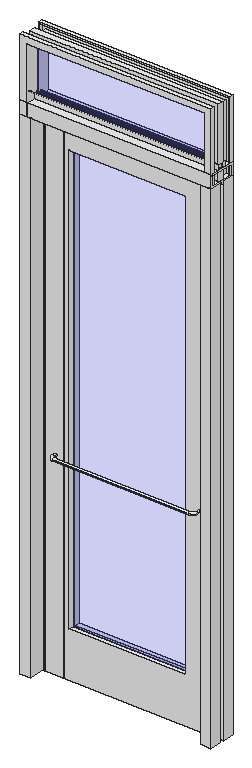
Revit family "kawneer-350_tuffline-sgl_tran-fr_20599", category Doors, host Wall, Revit 2015
Parameters
  Water - Static (ASTM E 331) = "product not tested"
  URL = "http://www.kawneer.com/kawneer/north_america/en/product.asp?prod_id=1818"
  Type of Glazing = "monolithic, insulating"
  Type Comments = "Medium Stile Heavy Duty Swing Door"
  Thermal Transmittance = "n/a"
  Sub Category3 = ""
  Sub Category2 = ""
  Sub Category1 = ""
  Sightline = 0"
  Short Description = "Medium Stile Heavy Duty Swing Door"
  Product data url = "https://bimobject.com/kawneerna/product/20595"
  Performance standards = ""
  Panel Inserts Material = Glass
  Overall U-Factor = "product not tested"
  Model = "350 Tuffline® Entrance"
  Manufacturer Part Number = "350 Tuffline® Entrance"
  Manufacturer = "Kawneer"
  Keywords = "Entrance, Door, Swing Door, Heavy Wall, Heavy Duty"
  Hurricane Resistant Tested [instance] = "product not tested"
  Hinging Types = "Offset Pivot, Butt Hinge, Continuous Gear Hinge"
  Height = Door Panel Height + 12"  # 96"
  Wall Closure = By host
  Width = 32"
  Glazing Thickness = 0"
  Glass U-Factor = "product not tested"
  Glass Installtion = "outside, inside"
  Glass Capture = "Captured"
  Function (Interior or Exterior) = "Exterior"
  Function = Interior
  Frame Material = Aluminum - ASTM B 221 - 6063-T6 alloy and temper
  Door Panel Width = Width - (1 3/4" * 2)  # 28 1/2"
  Door Panel Material = Aluminum - ASTM B 221 - 6063-T6 alloy and temper
  Door Panel Height = 84"
  Door Opening = Door Panel Width  # 28 1/2"
  Door Corner Construction = "Welded"
  Design Pressure = "n/a"
  Design Load = "n/a"
  Description = "The \"350 Tuffline\" medium stile heavy duty door offers durability in high abuse applications and is designed for  schools, universities, sports stadiums, and other high abuse areas."
  Depth = 1 3/4"
  Color = "any"
  Cladding Type = "n/a"
  CSI Masterformat Code = "08 41 13"
  Assembly Code = "B2030110"
  Application = "high traffic, high abuse"
  Air Infiltration (ASTM E 283) = "< 0.50 cfm/ft2  @ 6.24 psf (300 Pa), Single Doors"
  2-Color Option = "no"
Reference planes
  plane 1 "Centre Wall": y = 0
  plane 2 "Center (Left/Right)": x = 0
  plane 3 "Left": x = -406.4
  plane 4 "Right": x = 406.4
  plane 5: z = 2438.4
  plane 6 "Exterior": y = 75
  plane 7 "Interior": y = -75
  plane 8: z = 2133.6
  plane 9: x = -361.9
  plane 10: x = 361.9
Forms (mm)
  Sweep 1, solid, material "Aluminum - ASTM B 221 - 6063-T6 alloy and temper" <- "Door Panel Material"
    path origin (0, 0, 50.8) x (1, 0, 0) y (0, 0, 1)
      loop
        line (406.4, 2133.6) -> (-406.4, 2133.6)
    profile "TLMidFrame : TLMidFrame" origin (0, 0, 2184.4) x (0, 0, -1) y (0, -1, 0)
      loop
        line (5, 52.15) -> (5, -52.15) -> (45.8, -52.15) -> (45.8, 52.15) -> (5, 52.15)
      loop
        arc (-13.041, -8.796) -> (-14.742, -11.787) -> (-17.973, -12.971) r 5
        line (-17.973, -12.971) -> (-17.973, -14.55) -> (0, -14.55) -> (0, -5.272)
        arc (0, -5.272) -> (-6.307, -7.826) -> (-13.041, -8.796) r 28.226
      loop
        arc (-17.973, 10.971) -> (-14.973, 7.971) -> (-17.973, 4.971) r 3
        line (-17.973, 4.971) -> (-17.973, 3)
        arc (-17.973, 3) -> (-14.756, 4.043) -> (-12.781, 6.788) r 5.429
        arc (-12.781, 6.788) -> (-6.143, 5.7) -> (0, 2.959) r 26.226
        line (0, 2.959) -> (0, -2.959)
        arc (0, -2.959) -> (-6.143, -5.7) -> (-12.781, -6.788) r 26.226
        arc (-12.781, -6.788) -> (-14.756, -4.043) -> (-17.973, -3) r 5.429
        line (-17.973, -3) -> (-17.973, -4.971)
        arc (-17.973, -4.971) -> (-14.973, -7.971) -> (-17.973, -10.971) r 3
        line (-17.973, -10.971) -> (-19.973, -10.971) -> (-19.973, -17.05) -> (0, -17.05) -> (0, -57.15) -> (50.8, -57.15) -> (50.8, -6.35) -> (60.8, -6.35) -> (60.8, -1.35) -> (50.8, -1.35) -> (50.8, 57.15) -> (0, 57.15) -> (0, 17.05) -> (-19.973, 17.05) -> (-19.973, 10.971) -> (-17.973, 10.971)
      loop
        arc (-17.973, 12.971) -> (-14.742, 11.787) -> (-13.041, 8.796) r 5
        arc (-13.041, 8.796) -> (-6.307, 7.826) -> (0, 5.272) r 28.226
        line (0, 5.272) -> (0, 14.55) -> (-17.973, 14.55) -> (-17.973, 12.971)
  Sweep 2, solid, material "Aluminum - ASTM B 221 - 6063-T6 alloy and temper" <- "Door Panel Material"
    path origin (0, 0, 0) x (1, 0, 0) y (0, 0, 1)
      loop
        line (-406.4, 2133.6) -> (-406.4, 2438.4) -> (406.4, 2438.4) -> (406.4, 2133.6)
    profile "TLTPFrame : TLTPFrame" origin (406.4, 0, 2286) x (1, 0, 0) y (0, -1, 0)
      loop
        line (-23.575, 11) -> (-23.575, 52.125) -> (-5, 52.125) -> (-5, 42.125) -> (0, 42.125) -> (0, 57.125) -> (-28.575, 57.125) -> (-28.575, 6) -> (-11.325, 6) -> (-11.325, -6) -> (-28.575, -6) -> (-28.575, -57.175) -> (0, -57.175) -> (0, -42.175) -> (-5, -42.175) -> (-5, -52.175) -> (-23.575, -52.175) -> (-23.575, -11) -> (-6.325, -11) -> (-6.325, 11) -> (-23.575, 11)
  Extrusion 3, solid, material "Glass" <- "Panel Inserts Material"
    sketch origin (0, 0, 0) x (1, 0, 0) y (0, 1, 0)
      loop
        line (-395.075, 6) -> (-395.075, -6) -> (395.075, -6) -> (395.075, 6) -> (-395.075, 6)
    from 2184.4 to 2427.075
  Sweep 4, solid, material "Aluminum - ASTM B 221 - 6063-T6 alloy and temper" <- "Frame Material"
    path origin (0, 0, 0) x (1, 0, 0) y (0, 0, 1)
      loop
        line (406.4, 2133.6) -> (406.4, 0)
    profile "TF450Frame : TF450Frame" origin (406.4, 0, 1066.8) x (1, 0, 0) y (0, -1, 0)
      loop
        line (-54.5, -13.375) -> (-44.5, -13.375) -> (-44.5, -57.175) -> (0, -57.175) -> (0, -12.125) -> (-17.25, -12.125) -> (-17.25, 12.125) -> (0, 12.125) -> (0, 57.125) -> (-44.5, 57.125) -> (-44.5, -8.375) -> (-54.5, -8.375) -> (-54.5, -13.375)
      loop
        line (-5, -17.125) -> (-22.25, -17.125) -> (-22.25, 17.125) -> (-5, 17.125) -> (-5, 52.125) -> (-39.5, 52.125) -> (-39.5, -52.175) -> (-5, -52.175) -> (-5, -17.125)
  Sweep 5, solid, material "Aluminum - ASTM B 221 - 6063-T6 alloy and temper" <- "Frame Material"
    path origin (0, 0, 0) x (-1, 0, 0) y (0, 0, 1)
      loop
        line (406.4, 2133.6) -> (406.4, 0)
    profile "TF450Frame : TF450Frame" origin (-406.4, 0, 1066.8) x (1, 0, 0) y (0, -1, 0)
      loop
        line (54.5, -13.375) -> (54.5, -8.375) -> (44.5, -8.375) -> (44.5, 57.125) -> (0, 57.125) -> (0, 12.125) -> (17.25, 12.125) -> (17.25, -12.125) -> (0, -12.125) -> (0, -57.175) -> (44.5, -57.175) -> (44.5, -13.375) -> (54.5, -13.375)
      loop
        line (5, -17.125) -> (5, -52.175) -> (39.5, -52.175) -> (39.5, 52.125) -> (5, 52.125) -> (5, 17.125) -> (22.25, 17.125) -> (22.25, -17.125) -> (5, -17.125)
Lines and regions (mm)
  Opening 1
    outline origin (-3050, -75, 0) x (1, 0, 0) y (0, 0, 1)
      loop
        line (2643.6, 0) -> (3456.4, 0) -> (3456.4, 2438.4) -> (2643.6, 2438.4) -> (2643.6, 0)
  symbolic lines
    curve 1: line (-361.9, 781.075, 0) -> (-317.45, 781.075, 0)
    curve 2: line (-361.9, 57.175, 0) -> (-361.9, 781.075, 0)
    curve 3: line (-317.45, 57.175, 0) -> (-361.9, 57.175, 0)
    curve 4: line (-317.45, 781.075, 0) -> (-317.45, 57.175, 0)
    curve 5: arc (-317.45, 781.075, 0) -> (163.527, 551.731, 0) -> (361.9, 57.175, 0) r 732.63
Text (mm)
  text "Exterior" at (-2295.016, 1099.543, 0), in view "Ref. Level"
  text "Exterior" at (0, 1615.38, 3698.081), in view "Left"
  text "Exterior" at (0, 1036.032, 3874.932), in view "Right"
Dimensions and locks
  equal spacing: plane 3 "Left", plane 2 "Center (Left/Right)", plane 4 "Right"
  "Width": plane 3 "Left" to plane 4 "Right"
  "Height": plane 5 to host wall
  host wall to plane 5 = 96"
  "Door Panel Height": host wall to plane 8
  locked: plane 6 "Exterior" to host wall at 0
  locked: plane 7 "Interior" to host wall
  locked: plane 3 "Left" to plane 9 at 44.5
  locked: plane 10 to plane 4 "Right" at 44.5
  "Door Panel Width": nested 1 to curve 1
  "Depth": curve 2 to curve 4
  aligned and locked: plane 3 "Left" to Opening 1 sketch curve
  aligned and locked: plane 5 to Opening 1 sketch curve  (x2)
  aligned and locked: Opening 1 sketch curve to plane 4 "Right"
  aligned and locked: Opening 1 sketch curve to level
  aligned and locked: plane 1 "Centre Wall" to host wall
  aligned and locked: Sweep 1 to plane 8
  aligned and locked: nested 1 to plane 2 "Center (Left/Right)"
  aligned and locked: plane 4 "Right" to Sweep 2 sketch curve
  aligned and locked: plane 3 "Left" to Sweep 2 sketch curve
  aligned and locked: plane 5 to Sweep 2 sketch curve
  aligned and locked: Extrusion 3 sketch curve to Sweep 2  (x4)
  aligned and locked: Extrusion 3 to Sweep 2
  aligned and locked: Extrusion 3 to Sweep 1
  aligned and locked: plane 8 to Sweep 2 sketch curve  (x2)
  aligned and locked: plane 8 to Sweep 4 sketch curve
  aligned and locked: level to Sweep 4 sketch curve
  aligned and locked: Sweep 4 sketch curve to plane 4 "Right"
  aligned and locked: plane 9 to curve 2
  aligned and locked: nested 1 to curve 3
  aligned and locked: plane 10 to Sweep 4
  aligned and locked: Sweep 4 to curve 5
  aligned and locked: plane 10 to curve 5
  aligned and locked: plane 4 "Right" to Sweep 1 sketch curve
  aligned and locked: plane 3 "Left" to Sweep 1 sketch curve
Automatic sketch dimensions
  plane 8 to Sweep 1 sketch curve = 2"
  Sweep 5 sketch curve to level = 0"
  Sweep 5 sketch curve to plane 3 "Left" = 0"
  Sweep 5 sketch curve to plane 8 = 0"
  curve 5 to curve 2 = 0.2674"
Nested families
  nested 1: "Kawneer-350_Tuffline-Sgl.rf" at (-310.356, -18.225, 0) x (-1, 0, 0) z (0, 0, 1), type "Kawneer-350_Tuffline-Sgl.rf"
    with Width 28 1/2", Door Handle Width 24"
Definition of nested family "Kawneer-350_Tuffline-Sgl.rf"
  Parameters
    Width = 32"
    Water - static (ASTM E 331) = ""
    Type of Glazing = ""
    Thermal transmittance = ""
    Sub Category3 = ""
    Sub Category2 = ""
    Sub Category1 = ""
    Short Description = ""
    Performance standards = ""
    Panel Inserts Material = none
    Overall U-Factor = ""
    Mfr Part Num = ""
    Manufacturer = "Kawneer"
    Keywords = ""
    Hurricane Resistant Tested = ""
    Hinging Types = ""
    Height = 84"
    Glass capture = ""
    Glass U-Factor = ""
    Glass Installtion = ""
    Function (Interior or Exterior) = ""
    Door Panel Material = none
    Door Hangle Material = none
    Door Hangle Height = 33 25/256"
    Door Handle Width = Width - (2 1/4" * 2)  # 27 1/2"
    Door Corner Construction = ""
    Design load = ""
    Design Pressure = ""
    Depth = 2"
    Color = ""
    Cladding Type = ""
    CSI Mastformat Code = ""
    Assembly Code = "B2030110"
    Application = ""
    Air Infiltration (ASTM E 283) = ""
    2-Color Option = ""
  Reference planes
    plane 1 "Center (Front/Back)": y = -50
    plane 2: z = 0
    plane 3 "Center (Left/Right)": x = -310.356
    plane 4: x = -716.756
    plane 5: x = 96.044
    plane 6: y = -24.6
    plane 7: y = -75.4
    plane 8: z = 2133.6
    plane 9: z = 840.68
    plane 10: x = -602.456
    plane 11: x = -18.256
    plane 12: x = -659.606
  Forms (mm)
    Sweep 1, solid, material <- "Door Panel Material"
      path origin (0, -50, 0) x (1, 0, 0) y (0, 0, 1)
        loop
          line (-716.756, 2133.6) -> (-716.756, 0)
      profile "TL Side : TL Side" origin (-716.756, -50, 1066.8) x (1, 0, 0) y (0, -1, 0)
        loop
          line (83.9, -20.4) -> (83.9, 20.439) -> (4.961, 20.439) -> (4.961, -20.4) -> (83.9, -20.4)
        loop
          line (114.3, 25.4) -> (0, 25.4) -> (0, -25.4) -> (114.3, -25.4) -> (114.3, -5.418) -> (109.339, -5.418) -> (109.339, -20.4) -> (88.9, -20.4) -> (88.9, 20.4) -> (109.339, 20.4) -> (109.339, 5.418) -> (114.3, 5.418) -> (114.3, 25.4)
    Sweep 2, solid, material <- "Door Panel Material"
      path origin (0, -50, 0) x (1, 0, 0) y (0, 0, 1)
        loop
          line (96.044, 2133.6) -> (96.044, 0)
      profile "TL Side : TL Side" origin (96.044, -50, 1066.8) x (1, 0, 0) y (0, -1, 0)
        loop
          line (-83.9, 20.4) -> (-83.9, -20.439) -> (-4.961, -20.439) -> (-4.961, 20.4) -> (-83.9, 20.4)
        loop
          line (-114.3, -25.4) -> (0, -25.4) -> (0, 25.4) -> (-114.3, 25.4) -> (-114.3, 5.418) -> (-109.339, 5.418) -> (-109.339, 20.4) -> (-88.9, 20.4) -> (-88.9, -20.4) -> (-109.339, -20.4) -> (-109.339, -5.418) -> (-114.3, -5.418) -> (-114.3, -25.4)
    Sweep 3, solid, material <- "Door Panel Material"
      path origin (0, -50, 0) x (1, 0, 0) y (0, 0, 1)
        loop
          line (-602.456, 2133.6) -> (-18.256, 2133.6)
      profile "TL Top : TL Top" origin (-310.356, -50, 2133.6) x (0, 0, 1) y (0, -1, 0)
        loop
          line (-73.225, 20.4) -> (-73.225, -20.439) -> (-15, -20.439) -> (-15, 20.4) -> (-73.225, 20.4)
        loop
          line (-78.225, -20.4) -> (-106.164, -20.4) -> (-106.164, -5.418) -> (-111.125, -5.418) -> (-111.125, -25.4) -> (0, -25.4) -> (0, -20.4) -> (-10, -20.4) -> (-10, 20.4) -> (0, 20.4) -> (0, 25.4) -> (-111.125, 25.4) -> (-111.125, 5.418) -> (-106.164, 5.418) -> (-106.164, 20.4) -> (-78.225, 20.4) -> (-78.225, -20.4)
    Sweep 4, solid, material <- "Door Panel Material"
      path origin (0, -50, 0) x (1, 0, 0) y (0, 0, 1)
        loop
          line (-602.456, 0) -> (-18.256, 0)
      profile "TL Bottom : TL Bottom" origin (-310.356, -50, 0) x (0, 0, 1) y (0, -1, 0)
        loop
          line (158.95, -20.4) -> (158.95, 20.439) -> (15, 20.439) -> (15, -20.4) -> (158.95, -20.4)
        loop
          line (163.95, 20.4) -> (191.889, 20.4) -> (191.889, 5.418) -> (196.85, 5.418) -> (196.85, 25.4) -> (0, 25.4) -> (0, 20.4) -> (10, 20.4) -> (10, -20.4) -> (0, -20.4) -> (0, -25.4) -> (196.85, -25.4) -> (196.85, -5.418) -> (191.889, -5.418) -> (191.889, -20.4) -> (163.95, -20.4) -> (163.95, 20.4)
    Extrusion 5, solid, material <- "Panel Inserts Material"
      sketch origin (0, 0, 0) x (1, 0, 0) y (0, 1, 0)
        loop
          line (-607.417, -44.582) -> (-607.417, -55.418) -> (-13.295, -55.418) -> (-13.295, -44.582) -> (-607.417, -44.582)
      from 191.889 to 2027.436
  Cuts and joins
    joined: Sweep 1, Sweep 2, Sweep 3, Sweep 4
  Dimensions and locks
    equal spacing: plane 4, plane 3 "Center (Left/Right)", plane 5
    equal spacing: plane 6, plane 1 "Center (Front/Back)", plane 7
    "Depth": plane 6 to plane 7
    "Width": plane 4 to plane 5
    "Height": plane 8 to level
    "Door Hangle Height": plane 9 to level
    locked: plane 4 to plane 10 at 114.3
    locked: plane 11 to plane 5 at 114.3
    locked: plane 4 to plane 12 at 57.15
    aligned and locked: plane 8 to Sweep 1 sketch curve
    aligned and locked: level to Sweep 1 sketch curve
    aligned and locked: plane 8 to Sweep 2 sketch curve
    aligned and locked: level to Sweep 2 sketch curve
    aligned and locked: plane 10 to Sweep 3 sketch curve
    aligned and locked: plane 11 to Sweep 3 sketch curve
    aligned and locked: plane 10 to Sweep 4 sketch curve
    aligned and locked: plane 11 to Sweep 4 sketch curve
    aligned and locked: plane 7 to nested 1
    aligned and locked: plane 12 to nested 1
    aligned and locked: plane 9 to nested 1
    aligned and locked: nested 2 to plane 6
    aligned and locked: nested 2 to plane 12
    aligned and locked: nested 2 to plane 9
    aligned and locked: Extrusion 5 sketch curve to cut or joined group of Sweep 1, Sweep 2, Sweep 3, Sweep 4  (x2)
    aligned and locked: cut or joined group of Sweep 1, Sweep 2, Sweep 3, Sweep 4 to Extrusion 5 sketch curve  (x2)
    aligned and locked: cut or joined group of Sweep 1, Sweep 2, Sweep 3, Sweep 4 to Extrusion 5  (x2)
  Automatic sketch dimensions
    Sweep 1 sketch curve to plane 4 = 0"
    Sweep 2 sketch curve to plane 5 = 0"
    Sweep 3 sketch curve to plane 8 = 0"
    Sweep 4 sketch curve to level = 0"
  Nested families
    nested 1: "Style CO 9 Pull" at (-697.641, -75.4, 612.08), type "Style CO 9 Pull"
    nested 2: "Style CP II Push Bar" at (-260.356, -24.6, 840.68), type "Style CP II Push Bar"
      with Width 27 1/2"
  Definition of nested family "Style CO 9 Pull"
    Parameters
      Width = 1.1811"
      Height = 9"
      Hangle Material = none
      Depth = 1.1811"
    Reference planes
      plane 1 "Center (Front/Back)": y = 0
      plane 2: z = 0
      plane 3 "Center (Left/Right)": x = 53.034
      plane 4: y = -30
      plane 5: x = 38.034
      plane 6: x = 68.034
      plane 7: x = 46.034
      plane 8 "Top": z = 228.6
      plane 9: x = 60.034
      plane 10: z = 220.6
      plane 11: z = 8
    Forms (mm)
      Sweep 1, solid, material <- "Hangle Material"
        path origin (0, 0, 0) x (1, 0, 0) y (0, 1, 0)
          loop
            line (38.034, 0) -> (38.034, -23)
            arc (38.034, -23) -> (40.085, -27.95) -> (45.034, -30) r 7
            line (45.034, -30) -> (60.034, -30)
        profile origin (38.034, -11.5, 0) x (1, 0, 0) y (0, 0, 1)
          loop
            circle (0, 0) r 5
      Sweep 2, solid, material <- "Hangle Material"
        path origin (0, 0, 228.6) x (-1, 0, 0) y (0, -1, 0)
          loop
            line (-38.034, 0) -> (-38.034, 23)
            arc (-38.034, 23) -> (-40.085, 27.95) -> (-45.034, 30) r 7
            line (-45.034, 30) -> (-60.034, 30)
        profile origin (38.034, -11.5, 228.6) x (1, 0, 0) y (0, 0, 1)
          loop
            circle (0, 0) r 5
      Sweep 3, solid, material <- "Hangle Material"
        path origin (-1540.712, -30, 1200) x (-1, 0, 0) y (0, 0, 1)
          loop
            arc (-1600.747, -1200) -> (-1606.404, -1197.657) -> (-1608.747, -1192) r 8
            line (-1608.747, -1192) -> (-1608.747, -979.4)
            arc (-1608.747, -979.4) -> (-1606.404, -973.743) -> (-1600.747, -971.4) r 8
        profile origin (68.034, -30, 114.3) x (1, 0, 0) y (0, 1, 0)
          loop
            circle (0, 0) r 5
    Cuts and joins
      joined: Sweep 1, Sweep 2, Sweep 3
    Dimensions and locks
      "Depth": plane 4 to plane 1 "Center (Front/Back)"
      equal spacing: plane 5, plane 3 "Center (Left/Right)", plane 6
      locked: plane 5 to plane 7 at 8
      "Width": plane 5 to plane 6
      "Height": plane 8 "Top" to level
      locked: plane 9 to plane 6 at 8
      locked: level to plane 11 at 8
      locked: plane 10 to plane 8 "Top" at 8
      aligned and locked: Sweep 1 sketch curve to plane 5
      aligned and locked: Sweep 1 sketch curve to plane 4
      aligned and locked: plane 1 "Center (Front/Back)" to Sweep 1 sketch curve
      aligned and locked: plane 9 to Sweep 1 sketch curve
      aligned and locked: Sweep 2 sketch curve to plane 5
      aligned and locked: Sweep 2 sketch curve to plane 4
      aligned and locked: plane 1 "Center (Front/Back)" to Sweep 2 sketch curve
      aligned and locked: plane 9 to Sweep 2 sketch curve
      aligned and locked: plane 6 to Sweep 3 sketch curve  (x2)
      aligned and locked: plane 10 to Sweep 3 sketch curve
      aligned and locked: plane 11 to Sweep 3 sketch curve
      aligned and locked: plane 9 to Sweep 3 sketch curve  (x2)
      aligned and locked: plane 8 "Top" to Sweep 3 sketch curve
      aligned and locked: level to Sweep 3 sketch curve
      aligned and locked: plane 4 to Sweep 3 sketch curve
    Automatic sketch dimensions
      Sweep 1 sketch curve to plane 7 = 0.03937"
      Sweep 1 sketch curve to level = 0"
      Sweep 1 sketch curve to profile plane = 0"
      Sweep 2 sketch curve to plane 7 = 0.03937"
      Sweep 2 sketch curve to plane 8 "Top" = 0"
      Sweep 2 sketch curve to profile plane = 0"
      radius of Sweep 1 sketch curve = 0.19685"
      radius of Sweep 2 sketch curve = 0.19685"
      radius of Sweep 3 sketch curve = 0.19685"
  Definition of nested family "Style CP II Push Bar"
    Parameters
      Width = 28"
      Hangle Material = none
      Depth = 1.1811"
    Reference planes
      plane 1 "Center (Front/Back)": y = 0
      plane 2: z = 0
      plane 3 "Center (Left/Right)": x = -50
      plane 4: x = -405.6
      plane 5: x = 305.6
      plane 6: y = -30
      plane 7: z = 0
    Forms (mm)
      Sweep 1, solid, material <- "Hangle Material"
        path origin (0, 0, 0) x (1, 0, 0) y (0, 1, 0)
          loop
            line (-405.6, 0) -> (-405.6, -15)
            arc (-405.6, -15) -> (-401.207, -25.607) -> (-390.6, -30) r 15
            line (-390.6, -30) -> (290.6, -30)
            arc (290.6, -30) -> (301.207, -25.607) -> (305.6, -15) r 15
            line (305.6, -15) -> (305.6, 0)
        profile origin (-50, -30, 0) x (0, 1, 0) y (0, 0, 1)
          loop
            circle (0, 0) r 5
    Dimensions and locks
      "Depth": plane 6 to plane 1 "Center (Front/Back)"
      equal spacing: plane 4, plane 3 "Center (Left/Right)", plane 5
      "Width": plane 4 to plane 5
      aligned and locked: Sweep 1 sketch curve to plane 5
      aligned and locked: plane 1 "Center (Front/Back)" to Sweep 1 sketch curve  (x2)
      aligned and locked: Sweep 1 sketch curve to plane 4
      aligned and locked: level to plane 7
    Automatic sketch dimensions
      Sweep 1 sketch curve to level = 0"
      Sweep 1 sketch curve to profile plane = 0"
      Sweep 1 sketch curve to plane 6 = 0"
      plane 4 to Sweep 1 sketch curve = 0.59055"
      plane 1 "Center (Front/Back)" to Sweep 1 sketch curve = 0.59055"
      radius of Sweep 1 sketch curve = 0.19685"
